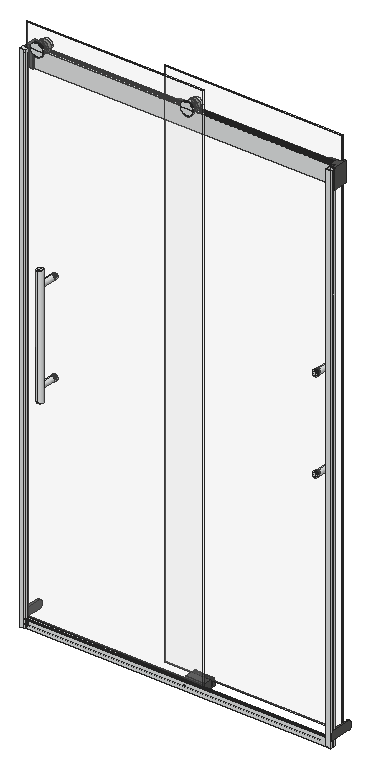
Revit family "Shower-Shower_Door-KOHLER-Levity_Plus-K-702421_1", category Specialty Equipment, host Face, Revit 2022
Family settings
  Host = Face
  Round Connector Dimension = Use Diameter
  Part Type = Normal
  OmniClass Number = 23.31.17.17
  OmniClass Title = Shower Enclosures
  Cut with Voids When Loaded = No
  Maintain Annotation Orientation = No
  Shared = No
  Room Calculation Point = No
Parameters (values of type "SHP-Bright Polished Silver")
  Width [instance] = Walk Thru + 25 205/256" + 199/256"  # 44 83/128"
  WaterSense Certified = 1 = 0  # no
  Walk Thru [instance] = 18 9/128"
  URL = "https://www.us.kohler.com/us/"
  Type = 1
  Product Page URL = "http://www.us.kohler.com/us/catalog/productDetails.jsp?productId=702421-L"
  Product Name = "Levity Plus"  # constant formula
  Product Documentation Link = "https://www.us.kohler.com/webassets/kpna/catalog/pdf/en/K-702421-L_spec_US-CA_Kohler_en.pdf"
  Model = if(Type = 1, "K-702421-L-SHP", if(Type = 2, "K-702421-L-BNK", if(Type = 3, "K-702421-L-BL", if(Type = 4, "K-702421-L-2MB", "NA"))))  # "K-702421-L-SHP"
  Material = "Premium Metal Construction"  # constant formula
  Master Format 2014 Name = "Shower Doors"  # constant formula
  Master Format 2014 = "10 28 19.16"  # constant formula
  Manufacturer Address = "444 Highland Dr, Kohler, WI 53044"  # constant formula
  Manufacturer = "KOHLER Co."  # constant formula
  Length = 6 119/128"  # constant formula
  Height = 77 143/256"  # constant formula
  Finish = Kohler-Metal-SHP-Bright_Polished_Silver
  Environmental Product Declaration = ""
  Description = "5/16 SHOWER DOOR 78 X 47-5/8 HANDLE"  # constant formula
  Default Elevation = 4"
  Declare Label = ""
  Date Modified = "03/17/2022"  # constant formula
  Date Created = "03/17/2022"  # constant formula
  Copyright = "Copyright KOHLER Co."  # constant formula
  Contact Us = "https://www.us.kohler.com/us/static/contact.jsp"
  Assembly Code = "C1030200"
  ADA Compliant = 1 = 0  # no
Reference planes (in)
  plane 1 "Center (Front/Back)": y = 0
  plane 2: z = 0
  plane 3 "Center (Left/Right)": x = 0
  plane 4: x = 18.07031
  plane 5: x = -25.80098
  plane 6: z = 74.76536
  plane 7: z = 77.55859
  plane 8: z = 72.61552
  plane 9: z = 71.53543
  plane 10: z = 74.09449
  plane 11: z = 47.87402
  plane 12: x = -21.8318
  plane 13: z = 45.84791
  plane 14: z = 30.86614
  plane 15: z = 32.84791
  plane 16: x = 18.84746
  plane 17: x = 14.7811
  plane 18: x = -1.99865
  plane 19: y = 4.3325
  plane 20: y = 3.90763
  plane 21: y = -2.59719
  plane 22: y = -2.153
  plane 23: y = -0.5693
  plane 24: x = -5.09536
  plane 25: x = 16.5311
Dimensions and locks (in)
  "Walk Thru": plane 4 to plane 3 "Center (Left/Right)"
  locked: plane 4 to plane 16 at 0.77715
  locked: plane 25 to plane 4 at 1.53921
  locked: plane 17 to plane 25 at 1.75
  locked: plane 24 to plane 25 at 21.62646
  "Width": plane 5 to plane 16
  "Height": plane 7 to level
  plane 14 to level = 30.86614"
  plane 11 to plane 14 = 17.00787"
  plane 9 to level = 71.53543"
  "Length": plane 19 to plane 21
  plane 10 to plane 9 = 2.55906"
  aligned and locked: plane 2 to host face
  aligned and locked: level to host face
  aligned and locked: plane 1 "Center (Front/Back)" to nested 1
  aligned and locked: plane 3 "Center (Left/Right)" to nested 1
  aligned and locked: plane 4 to nested 1
Automatic sketch dimensions
  host sketch curve to host sketch curve = 96"  (x2)
Nested families (in)
  nested 1: "K-702421" at (0, -0.5693, 0), type "K-702421"
Definition of nested family "K-702421"
  Parameters (values of type "K-702421")
    Width = Walk Thru + 25.79921" + 0.77559"  # 44.64512"
    Walk Thru = 18 9/128"
    Material = none
    Height = 61.5748"
    Default Elevation = 0"
  Reference planes (in)
    plane 1 "Center (Front/Back)": y = 0
    plane 2: z = 0
    plane 3 "Center (Left/Right)": x = 0
    plane 4: z = 77.55906
    plane 5: z = 30.86614
    plane 6: z = 47.87402
    plane 7: x = 18.07031
    plane 8: x = 18.84746
    plane 9 "E": x = 14.7811
    plane 10 "B": x = -21.8318
    plane 11: z = 71.53543
    plane 12: z = 74.09449
    plane 13 "A": z = 74.76536
    plane 14: x = -1.99865
    plane 15: y = -2.02733
    plane 16: y = 4.9018
    plane 17: z = 32.84791
    plane 18: z = 45.84791
    plane 19: y = -1.5837
    plane 20: y = 4.47693
    plane 21 "C": x = 16.5311
    plane 22 "X": z = 72.61552
    plane 23 "D": x = -10.4695
    plane 24: x = 18.507
    plane 25: x = -21.8318
    plane 26: z = 77.55906
    plane 27: x = -25.79766
    plane 28: z = 61.5748
    plane 29 "T": x = -5.09536
    plane 30: y = 0.5693
  Forms (in)
    Extrusion 1, solid
      sketch origin (0, 0, 0) x (1, 0, 0) y (0, 1, 0)
        loop
          line (-25.79766, 2.37158) -> (-25.79766, 0.38563)
          arc (-25.79766, 0.38563) -> (-25.78843, 0.36336) -> (-25.76616, 0.35413) r 0.0315
          line (-25.76616, 0.35413) -> (-25.50948, 0.35413)
          arc (-25.50948, 0.35413) -> (-25.48721, 0.36336) -> (-25.47798, 0.38563) r 0.0315
          line (-25.47798, 0.38563) -> (-25.47798, 0.85734)
          arc (-25.47798, 0.85734) -> (-25.46876, 0.87961) -> (-25.44649, 0.88884) r 0.0315
          line (-25.44649, 0.88884) -> (-24.84431, 0.88884)
          arc (-24.84431, 0.88884) -> (-24.82282, 0.89774) -> (-24.81392, 0.91923) r 0.03039
          line (-24.81392, 0.91923) -> (-24.81392, 2.02115) -> (-25.48127, 2.02858) -> (-25.48127, 2.37088)
          arc (-25.48127, 2.37088) -> (-25.49049, 2.39315) -> (-25.51276, 2.40237) r 0.0315
          line (-25.51276, 2.40237) -> (-25.76687, 2.40237)
          arc (-25.76687, 2.40237) -> (-25.78864, 2.39336) -> (-25.79766, 2.37158) r 0.03079
      from 71.46168 to 74.31431
    Extrusion 2, solid, material <- "Material", detail levels medium+fine
      sketch origin (0, 0, 0) x (1, 0, 0) y (0, 1, 0)
        loop
          line (-25.47591, 0.20982) -> (-25.47591, -0.20982) -> (-25.2813, -0.20982) -> (-25.2813, -0.27247) -> (-25.74014, -0.27247) -> (-25.74014, -0.30702) -> (-25.14015, -0.32797)
          arc (-25.14015, -0.32797) -> (-25.06472, -0.29901) -> (-25.03315, -0.22464) r 0.10339
          line (-25.03315, -0.22464) -> (-25.03315, 0.22464)
          arc (-25.03315, 0.22464) -> (-25.06472, 0.29901) -> (-25.14015, 0.32797) r 0.10339
          line (-25.14015, 0.32797) -> (-25.74014, 0.30702) -> (-25.74014, 0.27247) -> (-25.2813, 0.27247) -> (-25.2813, 0.20982) -> (-25.47591, 0.20982)
        loop
          line (-25.79766, 0.20982) -> (-25.60858, 0.20982) -> (-25.60858, 0) -> (-25.60858, -0.20982) -> (-25.79766, -0.20982) -> (-25.79766, -0.25253) -> (-25.56727, -0.25253) -> (-25.56727, 0) -> (-25.56727, 0.25253) -> (-25.79766, 0.25253) -> (-25.79766, 0.20982)
      from 0.08036 to 74.09449
    Extrusion 3, solid, material <- "Material", detail levels medium+fine
      sketch origin (0, 0, 0) x (1, 0, 0) y (0, 1, 0)
        loop
          line (-25.14015, 0.32797) -> (-25.74014, 0.30702) -> (-25.74014, 0.25253) -> (-25.79766, 0.25253) -> (-25.79766, -0.25253) -> (-25.74014, -0.25253) -> (-25.74014, -0.30702) -> (-25.14015, -0.32797)
          arc (-25.14015, -0.32797) -> (-25.06472, -0.29901) -> (-25.03315, -0.22464) r 0.10339
          line (-25.03315, -0.22464) -> (-25.03315, 0.22464)
          arc (-25.03315, 0.22464) -> (-25.06472, 0.29901) -> (-25.14015, 0.32797) r 0.10339
      from 74.09449 to 74.31431
    Extrusion 4, solid
      sketch origin (0, 0, 0) x (0, 1, 0) y (0, 0, 1)
        loop
          line (2.917, 2.13263) -> (-0.20982, 2.13263) -> (-0.20982, 1.05663) -> (2.93672, 1.05663)
          arc (2.93672, 1.05663) -> (3.10579, 1.12666) -> (3.17581, 1.29573) r 0.23909
          line (3.17581, 1.29573) -> (3.17581, 1.87382)
          arc (3.17581, 1.87382) -> (3.10001, 2.05683) -> (2.917, 2.13263) r 0.25882
      from -25.79766 to -25.47798
    Extrusion 5, solid, material <- "Material"
      sketch origin (0, 0, 0) x (0, 1, 0) y (0, 0, 1)
        loop
          arc (0, 0.33997) -> (0.03474, 0.38326) -> (0.08453, 0.35871) r 0.04434
          line (0.08453, 0.35871) -> (0.11423, 0.29502)
          arc (0.11423, 0.29502) -> (0.14686, 0.27839) -> (0.17089, 0.30603) r 0.02975
          line (0.17089, 0.30603) -> (0.20017, 0.86474)
          arc (0.20017, 0.86474) -> (0.19197, 0.88698) -> (0.17019, 0.89634) r 0.03002
          line (0.17019, 0.89634) -> (0.02343, 0.89634)
          arc (0.02343, 0.89634) -> (-0.02199, 0.94176) -> (0.02343, 0.98718) r 0.04542
          line (0.02343, 0.98718) -> (0.19567, 0.98718)
          arc (0.19567, 0.98718) -> (0.19347, 1.02749) -> (0.15814, 1.04703) r 0.04169
          line (0.15814, 1.04703) -> (-0.19878, 1.04703) -> (-0.19878, 0) -> (0.49474, 0) -> (0.49474, 0.07959) -> (0.14319, 0.07959)
          arc (0.14319, 0.07959) -> (0.04194, 0.12153) -> (0, 0.22278) r 0.14319
          line (0, 0.22278) -> (0, 0.33997)
        loop
          line (0.53901, 0.96058) -> (0.10163, 0.96058)
          arc (0.10163, 0.96058) -> (0.08163, 0.94058) -> (0.10163, 0.92059) r 0.01999
          line (0.10163, 0.92059) -> (0.53901, 0.92059)
          arc (0.53901, 0.92059) -> (0.559, 0.94058) -> (0.53901, 0.96058) r 0.01999
      from -25.47591 to 18.07031
    Revolve 6, solid, material <- "Material", detail levels medium+fine
      sketch origin (27, 0, 74.76536) x (0, -1, 0) y (1, 0, 0)
        loop
          line (0.14044, -28.99865) -> (-1.79905, -28.99865) -> (-1.79905, -29.69269) -> (-1.43263, -29.69269) -> (-1.43263, -29.74488)
          arc (-1.43263, -29.74488) -> (-1.24562, -29.80339) -> (-1.05861, -29.74488) r 0.32812
          line (-1.05861, -29.74488) -> (-1.05861, -29.53477) -> (-0.92215, -29.53477) -> (-0.92215, -29.73162) -> (-0.7253, -29.73162) -> (-0.7253, -29.46245) -> (-0.36761, -29.46245) -> (-0.36761, -29.6593) -> (-0.06827, -29.6593) -> (-0.06827, -29.89414) -> (-0.02811, -29.93431) -> (0.09751, -29.93431) -> (0.14044, -29.89138) -> (0.14044, -28.99865)
        axis (0.14044, -28.99865) -> (-1.79905, -28.99865)
      angle from 0 to 360
    Revolve 7, solid, material <- "Material", detail levels medium+fine
      sketch origin (5.51575, 0, 74.76536) x (0, -1, 0) y (1, 0, 0)
        loop
          line (0.14044, -28.99865) -> (-1.79905, -28.99865) -> (-1.79905, -29.69269) -> (-1.43263, -29.69269) -> (-1.43263, -29.74488)
          arc (-1.43263, -29.74488) -> (-1.24562, -29.80339) -> (-1.05861, -29.74488) r 0.32812
          line (-1.05861, -29.74488) -> (-1.05861, -29.53477) -> (-0.92215, -29.53477) -> (-0.92215, -29.73162) -> (-0.7253, -29.73162) -> (-0.7253, -29.46245) -> (-0.36761, -29.46245) -> (-0.36761, -29.6593) -> (-0.06827, -29.6593) -> (-0.06827, -29.89414) -> (-0.02811, -29.93431) -> (0.09751, -29.93431) -> (0.14044, -29.89138) -> (0.14044, -28.99865)
        axis (0.14044, -28.99865) -> (-1.79905, -28.99865)
      angle from 0 to 360
    Extrusion 8, solid, material <- "Material", detail levels medium+fine
      sketch origin (0, 0, 0) x (0, 1, 0) y (0, 0, 1)
        loop
          line (0.97838, 74.09449) -> (0.97838, 71.53543) -> (1.85747, 71.53543)
          arc (1.85747, 71.53543) -> (1.9, 71.55305) -> (1.91761, 71.59558) r 0.06014
          line (1.91761, 71.59558) -> (1.91761, 71.86685)
          arc (1.91761, 71.86685) -> (1.89894, 71.92322) -> (1.85029, 71.95728) r 0.0944
          line (1.85029, 71.95728) -> (1.85029, 71.88022) -> (1.65621, 71.78388) -> (1.38912, 71.90889) -> (1.38912, 73.51607)
          arc (1.38912, 73.51607) -> (1.41101, 73.5689) -> (1.46384, 73.59079) r 0.07472
          line (1.46384, 73.59079) -> (1.84605, 73.59079) -> (1.84605, 73.41713) -> (1.8957, 73.41713)
          arc (1.8957, 73.41713) -> (1.91735, 73.42609) -> (1.92632, 73.44774) r 0.03062
          line (1.92632, 73.44774) -> (1.92632, 74.04029)
          arc (1.92632, 74.04029) -> (1.91044, 74.07861) -> (1.87212, 74.09449) r 0.0542
          line (1.87212, 74.09449) -> (1.69975, 74.09449) -> (1.69975, 74.01045) -> (1.81407, 74.01045)
          arc (1.81407, 74.01045) -> (1.84489, 73.99768) -> (1.85765, 73.96686) r 0.04358
          line (1.85765, 73.96686) -> (1.85765, 73.8136) -> (1.31287, 73.8136) -> (1.31287, 73.88222) -> (1.44737, 73.94211) -> (1.44737, 73.98613)
          arc (1.44737, 73.98613) -> (1.43926, 74.00107) -> (1.42231, 74.0024) r 0.01781
          line (1.42231, 74.0024) -> (1.24538, 73.92362) -> (1.04592, 74.01243) -> (1.04592, 74.07466)
          arc (1.04592, 74.07466) -> (1.04011, 74.08868) -> (1.02609, 74.09449) r 0.01983
          line (1.02609, 74.09449) -> (0.97838, 74.09449)
      from -25.2813 to 18.07031
    Extrusion 9, solid
      sketch origin (0, 0, 74.76536) x (0, -1, 0) y (1, 0, 0)
        loop
          line (-0.7253, -0.06152) -> (-0.7253, -25.42005)
          arc (-0.7253, -25.42005) -> (-0.5693, -25.47612) -> (-0.4133, -25.42005) r 0.24502
          line (-0.4133, -25.42005) -> (-0.4133, -0.06152)
          arc (-0.4133, -0.06152) -> (-0.5693, 0.00135) -> (-0.7253, -0.06152) r 0.225
      from 2.7937 to -73.70872
    Extrusion 10, solid
      sketch origin (0, 0, 0) x (0, 1, 0) y (0, 0, 1)
        loop
          line (2.79395, 0) -> (2.73913, 1.04611)
          arc (2.73913, 1.04611) -> (2.73201, 1.06155) -> (2.71622, 1.06785) r 0.02294
          line (2.71622, 1.06785) -> (2.58256, 1.06785)
          arc (2.58256, 1.06785) -> (2.56781, 1.06181) -> (2.56152, 1.04717) r 0.02105
          line (2.56152, 1.04717) -> (2.54725, 0.22974)
          arc (2.54725, 0.22974) -> (2.52045, 0.16735) -> (2.45761, 0.14164) r 0.08966
          line (2.45761, 0.14164) -> (2.27292, 0.14164)
          arc (2.27292, 0.14164) -> (2.21358, 0.16532) -> (2.18684, 0.22333) r 0.0862
          line (2.18684, 0.22333) -> (2.14487, 1.02412)
          arc (2.14487, 1.02412) -> (2.13055, 1.05518) -> (2.09879, 1.06785) r 0.04614
          line (2.09879, 1.06785) -> (1.06637, 1.06785)
          arc (1.06637, 1.06785) -> (1.03461, 1.05518) -> (1.02029, 1.02412) r 0.04614
          line (1.02029, 1.02412) -> (0.97833, 0.22333)
          arc (0.97833, 0.22333) -> (0.95158, 0.16532) -> (0.89225, 0.14164) r 0.0862
          line (0.89225, 0.14164) -> (0.70755, 0.14164)
          arc (0.70755, 0.14164) -> (0.64471, 0.16735) -> (0.61791, 0.22974) r 0.08966
          line (0.61791, 0.22974) -> (0.60364, 1.04717)
          arc (0.60364, 1.04717) -> (0.59735, 1.06181) -> (0.5826, 1.06785) r 0.02105
          line (0.5826, 1.06785) -> (0.30693, 1.06785) -> (0.30693, 0.16201) -> (0.47604, 0.16201)
          arc (0.47604, 0.16201) -> (0.50033, 0.15195) -> (0.51039, 0.12766) r 0.03435
          line (0.51039, 0.12766) -> (0.51039, 0.08994)
          arc (0.51039, 0.08994) -> (0.52098, 0.06032) -> (0.54793, 0.04411) r 0.04675
          arc (0.54793, 0.04411) -> (0.76846, 0.01105) -> (0.99117, 0) r 2.24921
          line (0.99117, 0) -> (2.79395, 0)
      from -3.12027 to -0.34077
    Revolve 11, solid, material <- "Material"
      sketch origin (-21.8318, 0, -13) x (0, 1, 0) y (0, 0, 1)
        loop
          line (0.4133, 46.22291) -> (-1.4097, 46.22291) -> (-1.4097, 45.84791) -> (1.02083, 45.84791) -> (1.02083, 46.21475)
          arc (1.02083, 46.21475) -> (1.01123, 46.23791) -> (0.98807, 46.24751) r 0.03275
          line (0.98807, 46.24751) -> (0.79735, 46.24751)
          arc (0.79735, 46.24751) -> (0.7725, 46.23722) -> (0.76221, 46.21237) r 0.03514
          line (0.76221, 46.21237) -> (0.76221, 46.09791) -> (0.4133, 46.09791) -> (0.4133, 46.22291)
        axis (1.02083, 45.84791) -> (-1.4097, 45.84791)
      angle from 0 to 360
    Revolve 12, solid, material <- "Material", detail levels medium+fine
      sketch origin (-21.8318, 0, 0) x (0, 1, 0) y (0, 0, 1)
        loop
          line (-1.5837, 47.87402) -> (-1.9722, 47.87402) -> (-2.02733, 47.81888) -> (-2.02733, 30.91608) -> (-1.9774, 30.86614) -> (-1.5837, 30.86614) -> (-1.5837, 47.87402)
        axis (-1.5837, 30.86614) -> (-1.5837, 47.87402)
      angle from 0 to 360
    Revolve 13, solid, material <- "Material"
      sketch origin (-5.09536, 0, 0) x (0, -1, 0) y (0, 0, 1)
        loop
          line (-2.99093, 73.55511) -> (-3.03171, 73.51433) -> (-3.03171, 72.61552) -> (-1.91129, 72.61552) -> (-1.91129, 73.35161) -> (-2.16793, 73.35161) -> (-2.16793, 73.2217) -> (-2.52933, 73.2217) -> (-2.52933, 73.27972) -> (-2.82297, 73.27972) -> (-2.82297, 73.51347) -> (-2.86461, 73.55511) -> (-2.99093, 73.55511)
        axis (-1.91129, 72.61552) -> (-3.03171, 72.61552)
      angle from 0 to 360
    Revolve 14, solid, material <- "Material"
      sketch origin (16.5311, 0, 0) x (0, 0, -1) y (0, -1, 0)
        loop
          line (-73.55511, -2.99093) -> (-73.51433, -3.03171) -> (-72.61552, -3.03171) -> (-72.61552, -1.91129) -> (-73.35161, -1.91129) -> (-73.35161, -2.16793) -> (-73.2217, -2.16793) -> (-73.2217, -2.52933) -> (-73.27972, -2.52933) -> (-73.27972, -2.82297) -> (-73.51347, -2.82297) -> (-73.55511, -2.86461) -> (-73.55511, -2.99093)
        axis (-72.61552, -1.91129) -> (-72.61552, -3.03171)
      angle from 0 to 360
    Revolve 15, solid, material <- "Material", detail levels medium+fine
      sketch origin (14.7811, -0.02461, 0) x (0, 0, 1) y (0, -1, 0)
        loop
          line (46.22291, -2.50574) -> (46.09791, -2.50574) -> (46.09791, -2.15684) -> (46.21237, -2.15684)
          arc (46.21237, -2.15684) -> (46.23722, -2.14654) -> (46.24751, -2.1217) r 0.03514
          line (46.24751, -2.1217) -> (46.24751, -1.93098)
          arc (46.24751, -1.93098) -> (46.23791, -1.90781) -> (46.21475, -1.89822) r 0.03275
          line (46.21475, -1.89822) -> (45.84791, -1.89822) -> (45.84791, -4.50988) -> (46.22291, -4.50988) -> (46.22291, -2.50574)
        axis (45.84791, -1.89822) -> (45.84791, -4.50988)
      angle from 0 to 360
    Revolve 16, solid, material <- "Material", detail levels medium+fine
      sketch origin (14.7811, -0.02461, -13) x (0, 0, 1) y (0, -1, 0)
        loop
          line (46.22291, -2.50454) -> (46.09791, -2.50454) -> (46.09791, -2.15684) -> (46.21237, -2.15684)
          arc (46.21237, -2.15684) -> (46.23722, -2.14654) -> (46.24751, -2.1217) r 0.03514
          line (46.24751, -2.1217) -> (46.24751, -1.93098)
          arc (46.24751, -1.93098) -> (46.23791, -1.90781) -> (46.21475, -1.89822) r 0.03275
          line (46.21475, -1.89822) -> (45.84791, -1.89822) -> (45.84791, -4.50988) -> (46.22291, -4.50988) -> (46.22291, -2.50454)
        axis (45.84791, -1.89822) -> (45.84791, -4.50988)
      angle from 0 to 360
    Revolve 17, solid, material <- "Material", detail levels medium+fine
      sketch origin (14.7811, 0, 0) x (0, 0, 1) y (0, -1, 0)
        loop
          line (47.87402, -4.47693) -> (30.86614, -4.47693) -> (30.86614, -4.87063) -> (30.89731, -4.9018) -> (47.83764, -4.9018) -> (47.87402, -4.86543) -> (47.87402, -4.47693)
        axis (30.86614, -4.47693) -> (47.87402, -4.47693)
      angle from 0 to 360
    Extrusion 18, solid
      sketch origin (0, 0, 74.76536) x (0, -1, 0) y (1, 0, 0)
        loop
          line (-2.40428, 18.84746) -> (-2.40428, 18.646)
          arc (-2.40428, 18.646) -> (-2.37444, 18.57397) -> (-2.30241, 18.54413) r 0.10187
          line (-2.30241, 18.54413) -> (-2.09932, 18.54413)
          arc (-2.09932, 18.54413) -> (-2.03657, 18.51814) -> (-2.01058, 18.45539) r 0.08874
          line (-2.01058, 18.45539) -> (-2.01058, 17.91922)
          arc (-2.01058, 17.91922) -> (-1.99255, 17.87567) -> (-1.949, 17.85764) r 0.06158
          line (-1.949, 17.85764) -> (-0.96774, 17.85764)
          arc (-0.96774, 17.85764) -> (-0.9202, 17.87733) -> (-0.90051, 17.92487) r 0.06723
          line (-0.90051, 17.92487) -> (-0.90051, 18.43479)
          arc (-0.90051, 18.43479) -> (-0.8829, 18.4773) -> (-0.84038, 18.49492) r 0.06013
          line (-0.84038, 18.49492) -> (-0.37453, 18.49492)
          arc (-0.37453, 18.49492) -> (-0.34132, 18.50867) -> (-0.32756, 18.54188) r 0.04697
          line (-0.32756, 18.54188) -> (-0.32756, 18.84746) -> (-2.40428, 18.84746)
      from -0.4295 to -3.30367
    Extrusion 19, solid
      sketch origin (0, 0, 0) x (0, 1, 0) y (0, 0, -1)
        loop
          arc (2.917, -2.13263) -> (3.10001, -2.05683) -> (3.17581, -1.87382) r 0.25882
          line (3.17581, -1.87382) -> (3.17581, -1.29573)
          arc (3.17581, -1.29573) -> (3.10579, -1.12666) -> (2.93672, -1.05663) r 0.23909
          line (2.93672, -1.05663) -> (-0.23901, -1.05663) -> (-0.23901, -2.13263) -> (2.917, -2.13263)
      from -18.507 to -18.84746
    Extrusion 20, solid, material <- "Material"
      sketch origin (0, 0, 74.76536) x (0, -1, 0) y (1, 0, 0)
        loop
          line (-0.32756, 18.07031) -> (0.31775, 18.07031) -> (0.31775, 18.84746) -> (0.23901, 18.84746) -> (0.23901, 18.14905) -> (-0.24882, 18.14905) -> (-0.24882, 18.84746) -> (-0.32756, 18.84746) -> (-0.32756, 18.07031)
      from -74.68577 to -0.5382
    Extrusion 21, solid, material <- "Material"
      sketch origin (0, 0, 0) x (1, 0, 0) y (0, 1, 0)
        loop
          line (18.84746, 0.32756) -> (18.07031, 0.32756) -> (18.07031, -0.31775) -> (18.84746, -0.31775) -> (18.84746, 0.32756)
      from 58.2429 to 58.11024
    Extrusion 22, solid
      sketch origin (0, 0, 74.76536) x (0, -1, 0) y (1, 0, 0)
        loop
          arc (-2.47993, -7.04042) -> (-2.32393, -7.10329) -> (-2.16793, -7.04042) r 0.225
          line (-2.16793, -7.04042) -> (-2.16793, 18.45975)
          arc (-2.16793, 18.45975) -> (-2.18177, 18.49316) -> (-2.21518, 18.507) r 0.04724
          line (-2.21518, 18.507) -> (-2.43259, 18.507)
          arc (-2.43259, 18.507) -> (-2.46607, 18.49313) -> (-2.47993, 18.45965) r 0.04735
          line (-2.47993, 18.45965) -> (-2.47993, -7.04042)
      from -73.86902 to 2.7937
    Revolve 23, solid, material <- "Material"
      sketch origin (-21.8318, 0, 0) x (0, 1, 0) y (0, 0, 1)
        loop
          line (0.4133, 46.22291) -> (-1.4097, 46.22291) -> (-1.4097, 45.84791) -> (1.02083, 45.84791) -> (1.02083, 46.21475)
          arc (1.02083, 46.21475) -> (1.01123, 46.23791) -> (0.98807, 46.24751) r 0.03275
          line (0.98807, 46.24751) -> (0.79735, 46.24751)
          arc (0.79735, 46.24751) -> (0.7725, 46.23722) -> (0.76221, 46.21237) r 0.03514
          line (0.76221, 46.21237) -> (0.76221, 46.09791) -> (0.4133, 46.09791) -> (0.4133, 46.22291)
        axis (1.02083, 45.84791) -> (-1.4097, 45.84791)
      angle from 0 to 360
    Extrusion 24, solid, material <- "Material", detail levels coarse
      sketch origin (0, 0, 74.76536) x (0, -1, 0) y (1, 0, 0)
        loop
          line (-0.32797, -25.03315) -> (-0.32797, -25.79766) -> (0.32797, -25.79766) -> (0.32797, -25.03315) -> (-0.32797, -25.03315)
      from -74.68499 to -0.45105
    Revolve 25, solid, material <- "Material", detail levels coarse
      sketch origin (5.51575, 0, 74.76536) x (0, -1, 0) y (1, 0, 0)
        loop
          line (0.14044, -28.99865) -> (-1.79905, -28.99865) -> (-1.79905, -29.69269) -> (-1.43263, -29.69269) -> (-1.43263, -29.74488) -> (-1.05861, -29.74488) -> (-1.05861, -29.53477) -> (-0.92215, -29.53477) -> (-0.92215, -29.73162) -> (-0.7253, -29.73162) -> (-0.7253, -29.6593) -> (-0.06827, -29.6593) -> (-0.06827, -29.93431) -> (0.14044, -29.93431) -> (0.14044, -28.99865)
        axis (-1.79905, -28.99865) -> (0.14044, -28.99865)
      angle from 0 to 360
    Revolve 26, solid, material <- "Material", detail levels coarse
      sketch origin (27, 0, 74.76536) x (0, -1, 0) y (1, 0, 0)
        loop
          line (0.14044, -28.99865) -> (-1.79905, -28.99865) -> (-1.79905, -29.69269) -> (-1.43263, -29.69269) -> (-1.43263, -29.74488) -> (-1.05861, -29.74488) -> (-1.05861, -29.53477) -> (-0.92215, -29.53477) -> (-0.92215, -29.73162) -> (-0.7253, -29.73162) -> (-0.7253, -29.6593) -> (-0.06827, -29.6593) -> (-0.06827, -29.93431) -> (0.14044, -29.93431) -> (0.14044, -28.99865)
        axis (-1.79905, -28.99865) -> (0.14044, -28.99865)
      angle from 0 to 360
    Extrusion 27, solid, material <- "Material", detail levels coarse
      sketch origin (0, 0, 0) x (1, 0, 0) y (0, 0, 1)
        loop
          circle (-21.8318, 45.84791) r 0.3937
        loop
          circle (-21.8318, 32.84791) r 0.3937
      from -1.02039 to 1.5837
    Extrusion 28, solid, material <- "Material", detail levels coarse
      sketch origin (-1.451, 0, 74.76536) x (0, -1, 0) y (1, 0, 0)
        loop
          circle (1.5837, -20.3808) r 0.44363
      from -26.89134 to -43.84928
    Revolve 29, solid, material <- "Material", detail levels coarse
      sketch origin (14.7811, 0, 0) x (0, 0, 1) y (0, -1, 0)
        loop
          line (45.84791, -1.87284) -> (45.84791, -4.47693) -> (46.22291, -4.47693) -> (46.22291, -1.87284) -> (45.84791, -1.87284)
        axis (45.84791, -1.87284) -> (45.84791, -4.47693)
      angle from 0 to 360
    Revolve 30, solid, material <- "Material", detail levels coarse
      sketch origin (14.7811, 0, 0) x (0, 0, 1) y (0, -1, 0)
        loop
          line (32.84791, -1.87284) -> (32.84791, -4.47693) -> (33.22291, -4.47693) -> (33.22291, -1.87284) -> (32.84791, -1.87284)
        axis (32.84791, -1.87284) -> (32.84791, -4.47693)
      angle from 0 to 360
    Extrusion 31, solid, material <- "Material", detail levels coarse
      sketch origin (0, 0, 0) x (0, 1, 0) y (0, 0, 1)
        loop
          line (0.97838, 74.09449) -> (0.97838, 71.53543) -> (1.92632, 71.53543) -> (1.92632, 74.09449) -> (0.97838, 74.09449)
      from -25.47798 to 18.07031
    Revolve 32, solid, material <- "Material", detail levels coarse
      sketch origin (14.7811, 0, 0) x (0, 0, 1) y (0, -1, 0)
        loop
          line (47.87402, -4.9018) -> (47.87402, -4.47693) -> (30.86614, -4.47693) -> (30.86614, -4.9018) -> (47.87402, -4.9018)
        axis (30.86614, -4.47693) -> (47.87402, -4.47693)
      angle from 0 to 360
  Cuts and joins
    joined: Extrusion 2, Extrusion 3
    joined: Extrusion 20, Extrusion 21
  Lines and regions (in)
    Masking region 1
      outline origin (0, 0, 0) x (1, 0, 0) y (0, 0, 1)
        loop
          line (-25.47617, 77.55906) -> (-25.47617, 74.35081) -> (-25.79766, 74.35081) -> (-25.79766, 0.08036) -> (-25.47591, 0.08036) -> (-25.47591, 0) -> (18.07031, 0) -> (18.07031, 0.07959) -> (18.84746, 0.07959) -> (18.84746, 74.33586) -> (18.507, 74.33586) -> (18.507, 77.55906) -> (-25.47617, 77.55906)
    Masking region 2
      outline origin (-5.09536, 0, 0) x (0, -1, 0) y (0, 0, 1)
        loop
          line (-0.33162, 2.13263) -> (-0.33162, 32.47291) -> (-0.4133, 32.47291) -> (-0.4133, 2.13263) -> (-0.33162, 2.13263)
        loop
          line (-3.17581, 1.87382) -> (-3.17581, 1.29573)
          arc (-3.17581, 1.29573) -> (-3.10579, 1.12666) -> (-2.93672, 1.05663) r 0.23909
          line (-2.93672, 1.05663) -> (-2.73858, 1.05663) -> (-2.79395, 0) -> (-0.99117, 0)
          arc (-0.99117, 0) -> (-0.76846, 0.01105) -> (-0.54793, 0.04411) r 2.24921
          arc (-0.54793, 0.04411) -> (-0.52098, 0.06032) -> (-0.51039, 0.08994) r 0.04675
          line (-0.51039, 0.08994) -> (-0.51039, 0.12766)
          arc (-0.51039, 0.12766) -> (-0.50033, 0.15195) -> (-0.47604, 0.16201) r 0.03435
          line (-0.47604, 0.16201) -> (-0.32803, 0.16201) -> (-0.32803, 0.07959) -> (-0.49474, 0.07959) -> (-0.49474, 0) -> (0.19878, 0) -> (0.19878, 0.08036) -> (0.32797, 0.08036) -> (0.32797, 32.47291) -> (1.14006, 32.47291) -> (1.14006, 30.91608) -> (1.19, 30.86614) -> (1.9774, 30.86614) -> (2.02733, 30.91608) -> (2.02733, 47.82408) -> (1.9774, 47.87402) -> (1.19, 47.87402) -> (1.14006, 47.82408) -> (1.14006, 46.22291) -> (0.32797, 46.22291) -> (0.32797, 74.31431) -> (0.14044, 74.31431) -> (0.14044, 75.65887) -> (0.09747, 75.70183) -> (-0.02728, 75.70183) -> (-0.06827, 75.66084) -> (-0.06827, 75.42601) -> (-0.36761, 75.42601) -> (-0.36761, 75.22916) -> (-0.4133, 75.22916) -> (-0.4133, 77.55906) -> (-0.7253, 77.55906) -> (-0.7253, 75.49833) -> (-0.92215, 75.49833) -> (-0.92215, 75.30147) -> (-1.05861, 75.30147) -> (-1.05861, 75.51158)
          arc (-1.05861, 75.51158) -> (-1.24562, 75.5673) -> (-1.43263, 75.51158) r 0.34168
          line (-1.43263, 75.51158) -> (-1.43263, 75.45939) -> (-1.79905, 75.45939) -> (-1.79905, 74.76536) -> (-1.79905, 74.31431) -> (-2.16793, 74.31431) -> (-2.16793, 77.55906) -> (-2.47993, 77.55906) -> (-2.47993, 73.2217) -> (-2.52933, 73.2217) -> (-2.52933, 73.27972) -> (-2.82297, 73.27972) -> (-2.82297, 73.51347) -> (-2.86461, 73.55511) -> (-2.99093, 73.55511) -> (-3.03171, 73.51433) -> (-3.03171, 71.71672) -> (-2.99093, 71.67593) -> (-2.86461, 71.67593) -> (-2.82297, 71.71758) -> (-2.82297, 71.95133) -> (-2.52933, 71.95133) -> (-2.52933, 72.00935) -> (-2.47993, 72.00935) -> (-2.47993, 46.22291) -> (-4.05206, 46.22291) -> (-4.05206, 47.82408) -> (-4.102, 47.87402) -> (-4.85187, 47.87402) -> (-4.9018, 47.82408) -> (-4.9018, 30.91608) -> (-4.85187, 30.86614) -> (-4.102, 30.86614) -> (-4.05206, 30.91608) -> (-4.05206, 32.47291) -> (-2.55024, 32.47291) -> (-2.47993, 32.47291) -> (-2.47993, 2.13263) -> (-2.917, 2.13263)
          arc (-2.917, 2.13263) -> (-3.10001, 2.05683) -> (-3.17581, 1.87382) r 0.25882
        loop
          arc (-2.54725, 0.22974) -> (-2.52045, 0.16735) -> (-2.45761, 0.14164) r 0.08966
          line (-2.45761, 0.14164) -> (-2.27292, 0.14164)
          arc (-2.27292, 0.14164) -> (-2.21358, 0.16532) -> (-2.18684, 0.22333) r 0.0862
          line (-2.18684, 0.22333) -> (-2.14487, 1.02412)
          arc (-2.14487, 1.02412) -> (-2.14023, 1.04201) -> (-2.12894, 1.05663) r 0.04614
          line (-2.12894, 1.05663) -> (-2.16793, 1.05663) -> (-2.16793, 0.89634) -> (-2.47993, 0.89634) -> (-2.47993, 1.05663) -> (-2.51514, 1.05663) -> (-2.56169, 1.05663) -> (-2.54725, 0.22974)
        loop
          arc (-0.97833, 0.22333) -> (-0.95158, 0.16532) -> (-0.89225, 0.14164) r 0.0862
          line (-0.89225, 0.14164) -> (-0.70755, 0.14164)
          arc (-0.70755, 0.14164) -> (-0.64471, 0.16735) -> (-0.61791, 0.22974) r 0.08966
          line (-0.61791, 0.22974) -> (-0.60348, 1.05663) -> (-1.03622, 1.05663)
          arc (-1.03622, 1.05663) -> (-1.02494, 1.04201) -> (-1.02029, 1.02412) r 0.04614
          line (-1.02029, 1.02412) -> (-0.97833, 0.22333)
        loop
          line (-2.16793, 2.13263) -> (-0.7253, 2.13263) -> (-0.7253, 32.59791) -> (-0.76221, 32.59791) -> (-0.76221, 32.48456)
          arc (-0.76221, 32.48456) -> (-0.7727, 32.45923) -> (-0.79804, 32.44874) r 0.03582
          line (-0.79804, 32.44874) -> (-0.98952, 32.44874)
          arc (-0.98952, 32.44874) -> (-1.01135, 32.45778) -> (-1.02039, 32.4796) r 0.03087
          line (-1.02039, 32.4796) -> (-1.02039, 33.21621)
          arc (-1.02039, 33.21621) -> (-1.01135, 33.23804) -> (-0.98952, 33.24708) r 0.03087
          line (-0.98952, 33.24708) -> (-0.79804, 33.24708)
          arc (-0.79804, 33.24708) -> (-0.7727, 33.23659) -> (-0.76221, 33.21126) r 0.03582
          line (-0.76221, 33.21126) -> (-0.76221, 33.09791) -> (-0.7253, 33.09791) -> (-0.7253, 45.59791) -> (-0.76221, 45.59791) -> (-0.76221, 45.48456)
          arc (-0.76221, 45.48456) -> (-0.7727, 45.45923) -> (-0.79804, 45.44874) r 0.03582
          line (-0.79804, 45.44874) -> (-0.98952, 45.44874)
          arc (-0.98952, 45.44874) -> (-1.01135, 45.45778) -> (-1.02039, 45.4796) r 0.03087
          line (-1.02039, 45.4796) -> (-1.02039, 46.21621)
          arc (-1.02039, 46.21621) -> (-1.01135, 46.23804) -> (-0.98952, 46.24708) r 0.03087
          line (-0.98952, 46.24708) -> (-0.79804, 46.24708)
          arc (-0.79804, 46.24708) -> (-0.7727, 46.23659) -> (-0.76221, 46.21126) r 0.03582
          line (-0.76221, 46.21126) -> (-0.76221, 46.09791) -> (-0.7253, 46.09791) -> (-0.7253, 71.46168) -> (-2.16793, 71.46168) -> (-2.16793, 46.09791) -> (-2.13102, 46.09791) -> (-2.13102, 46.21126)
          arc (-2.13102, 46.21126) -> (-2.12053, 46.23659) -> (-2.0952, 46.24708) r 0.03582
          line (-2.0952, 46.24708) -> (-1.90371, 46.24708)
          arc (-1.90371, 46.24708) -> (-1.88189, 46.23804) -> (-1.87284, 46.21621) r 0.03087
          line (-1.87284, 46.21621) -> (-1.87284, 45.4796)
          arc (-1.87284, 45.4796) -> (-1.88189, 45.45778) -> (-1.90371, 45.44874) r 0.03087
          line (-1.90371, 45.44874) -> (-2.0952, 45.44874)
          arc (-2.0952, 45.44874) -> (-2.12053, 45.45923) -> (-2.13102, 45.48456) r 0.03582
          line (-2.13102, 45.48456) -> (-2.13102, 45.59791) -> (-2.16793, 45.59791) -> (-2.16793, 33.09791) -> (-2.13102, 33.09791) -> (-2.13102, 33.21126)
          arc (-2.13102, 33.21126) -> (-2.12053, 33.23659) -> (-2.0952, 33.24708) r 0.03582
          line (-2.0952, 33.24708) -> (-1.90371, 33.24708)
          arc (-1.90371, 33.24708) -> (-1.88189, 33.23804) -> (-1.87284, 33.21621) r 0.03087
          line (-1.87284, 33.21621) -> (-1.87284, 32.4796)
          arc (-1.87284, 32.4796) -> (-1.88189, 32.45778) -> (-1.90371, 32.44874) r 0.03087
          line (-1.90371, 32.44874) -> (-2.0952, 32.44874)
          arc (-2.0952, 32.44874) -> (-2.12053, 32.45923) -> (-2.13102, 32.48456) r 0.03582
          line (-2.13102, 32.48456) -> (-2.13102, 32.59791) -> (-2.16793, 32.59791) -> (-2.16793, 2.13263)
        loop
          line (1.14006, 33.22291) -> (1.14006, 45.47291) -> (0.32797, 45.47291) -> (0.32797, 33.22291) -> (1.14006, 33.22291)
        loop
          line (-0.33162, 33.22291) -> (-0.33162, 45.47291) -> (-0.4133, 45.47291) -> (-0.4133, 33.22291) -> (-0.33162, 33.22291)
        loop
          line (-0.33162, 46.22291) -> (-0.33162, 71.46168) -> (-0.4133, 71.46168) -> (-0.4133, 46.22291) -> (-0.33162, 46.22291)
        loop
          line (-4.05206, 33.22291) -> (-2.47993, 33.22291) -> (-2.47993, 45.47291) -> (-4.05206, 45.47291) -> (-4.05206, 33.22291)
    Masking region 3
      outline origin (0, 0, 74.76536) x (0, -1, 0) y (1, 0, 0)
        loop
          line (-0.97838, -24.01903) -> (-0.97838, -24.81392) -> (-0.91923, -24.81392)
          arc (-0.91923, -24.81392) -> (-0.89774, -24.82282) -> (-0.88884, -24.84431) r 0.03039
          line (-0.88884, -24.84431) -> (-0.88884, -25.44649)
          arc (-0.88884, -25.44649) -> (-0.87961, -25.46876) -> (-0.85734, -25.47798) r 0.0315
          line (-0.85734, -25.47798) -> (-0.5693, -25.47798)
          arc (-0.5693, -25.47798) -> (-0.65219, -25.46168) -> (-0.7253, -25.42005) r 0.24502
          line (-0.7253, -25.42005) -> (-0.7253, -24.21588) -> (-0.92215, -24.21588) -> (-0.92215, -24.01903) -> (-0.97838, -24.01903)
        loop
          line (-0.7253, -22.74994) -> (-0.7253, -22.0818) -> (-0.76221, -22.0818) -> (-0.76221, -22.19641)
          arc (-0.76221, -22.19641) -> (-0.77237, -22.22092) -> (-0.79688, -22.23108) r 0.03466
          line (-0.79688, -22.23108) -> (-0.97838, -22.23108) -> (-0.97838, -22.94679) -> (-0.92215, -22.94679) -> (-0.92215, -22.74994) -> (-0.7253, -22.74994)
        loop
          line (0.32797, -25.79766) -> (0.32797, -25.03644) -> (0.19878, -25.03644) -> (0.19878, -22.2068) -> (1.34666, -22.2068)
          arc (1.34666, -22.2068) -> (1.79777, -22.22037) -> (2.02733, -21.8318) r 0.44363
          arc (2.02733, -21.8318) -> (1.79777, -21.44324) -> (1.34666, -21.4568) r 0.44363
          line (1.34666, -21.4568) -> (0.19878, -21.4568) -> (0.19878, 18.07031) -> (0.31775, 18.07031) -> (0.31775, 18.84746) -> (-3.17581, 18.84746) -> (-3.17581, 18.507) -> (-2.06401, 18.507)
          arc (-2.06401, 18.507) -> (-2.02623, 18.49135) -> (-2.01058, 18.45357) r 0.05343
          line (-2.01058, 18.45357) -> (-2.01058, 17.85764) -> (-1.92632, 17.85764) -> (-1.92632, -0.34077) -> (-2.79395, -0.34077) -> (-2.79395, -3.12027) -> (-1.92632, -3.12027) -> (-1.92632, -24.81392) -> (-2.02115, -24.81392) -> (-2.02855, -25.47798) -> (-3.17581, -25.47798) -> (-3.17581, -25.79766) -> (0.32797, -25.79766)
        loop
          line (-0.97838, -3.12027) -> (-0.97838, -21.43253) -> (-0.79688, -21.43253)
          arc (-0.79688, -21.43253) -> (-0.77237, -21.44268) -> (-0.76221, -21.46719) r 0.03466
          line (-0.76221, -21.46719) -> (-0.76221, -21.5818) -> (-0.7253, -21.5818) -> (-0.7253, -3.12027) -> (-0.97838, -3.12027)
        loop
          line (-0.97838, 17.85764) -> (-0.97838, -0.34077) -> (-0.7253, -0.34077) -> (-0.7253, -0.06152)
          arc (-0.7253, -0.06152) -> (-0.64864, -0.01311) -> (-0.55909, 0.00111) r 0.225
          line (-0.55909, 0.00111) -> (-0.55909, 18.07031) -> (-0.32756, 18.07031) -> (-0.32756, 18.507) -> (-0.83803, 18.507)
          arc (-0.83803, 18.507) -> (-0.88221, 18.4887) -> (-0.90051, 18.44452) r 0.06248
          line (-0.90051, 18.44452) -> (-0.90051, 17.85764) -> (-0.97838, 17.85764)
    Masking region 4
      outline origin (0, 0, 74.76536) x (0, -1, 0) y (1, 0, 0)
        loop
          arc (-2.47993, -7.04042) -> (-2.32393, -7.10329) -> (-2.16793, -7.04042) r 0.225
          line (-2.16793, -7.04042) -> (-2.16793, -5.83145) -> (-1.92632, -5.83145) -> (-1.92632, -4.35927) -> (-2.16793, -4.35927) -> (-2.16793, 14.53357) -> (-2.13223, 14.53357) -> (-2.13223, 14.41605)
          arc (-2.13223, 14.41605) -> (-2.12204, 14.39144) -> (-2.09742, 14.38125) r 0.0348
          line (-2.09742, 14.38125) -> (-1.92632, 14.38125) -> (-1.92632, 15.18095) -> (-2.09742, 15.18095)
          arc (-2.09742, 15.18095) -> (-2.12204, 15.17076) -> (-2.13223, 15.14615) r 0.0348
          line (-2.13223, 15.14615) -> (-2.13223, 15.02863) -> (-2.16793, 15.02863) -> (-2.16793, 15.79242) -> (-1.92632, 15.79242) -> (-1.92632, 17.26978) -> (-2.16793, 17.26978) -> (-2.16793, 18.45818)
          arc (-2.16793, 18.45818) -> (-2.18223, 18.4927) -> (-2.21675, 18.507) r 0.04881
          line (-2.21675, 18.507) -> (-2.43465, 18.507)
          arc (-2.43465, 18.507) -> (-2.46667, 18.49373) -> (-2.47993, 18.46171) r 0.04529
          line (-2.47993, 18.46171) -> (-2.47993, 17.13541) -> (-2.52933, 17.13541) -> (-2.52933, 17.19529) -> (-2.82297, 17.19529) -> (-2.82297, 17.42904) -> (-2.8647, 17.47078) -> (-2.99084, 17.47078) -> (-3.03171, 17.42991) -> (-3.03171, 16.5311) -> (-3.03171, 15.63229) -> (-2.99084, 15.59142) -> (-2.8647, 15.59142) -> (-2.82297, 15.63316) -> (-2.82297, 15.86691) -> (-2.52933, 15.86691) -> (-2.52933, 15.92679) -> (-2.47993, 15.92679) -> (-2.47993, 15.1561) -> (-4.27721, 15.1561)
          arc (-4.27721, 15.1561) -> (-4.69563, 15.14536) -> (-4.9018, 14.7811) r 0.42487
          arc (-4.9018, 14.7811) -> (-4.69563, 14.41684) -> (-4.27721, 14.4061) r 0.42487
          line (-4.27721, 14.4061) -> (-2.47993, 14.4061) -> (-2.47993, -4.48952) -> (-2.52933, -4.48952) -> (-2.52933, -4.43116) -> (-2.82297, -4.43116) -> (-2.82297, -4.19741) -> (-2.86471, -4.15567) -> (-2.99083, -4.15567) -> (-3.03171, -4.19655) -> (-3.03171, -5.09536) -> (-3.03171, -5.99416) -> (-2.99083, -6.03505) -> (-2.86471, -6.03505) -> (-2.82297, -5.9933) -> (-2.82297, -5.75955) -> (-2.52933, -5.75955) -> (-2.52933, -5.70119) -> (-2.47993, -5.70119) -> (-2.47993, -7.04042)
    symbolic lines, detail levels medium+fine
      curve 1: line (16.5311, 1.79905, 74.31431) -> (16.5311, 0.4133, 74.31431)
      curve 2: line (16.5311, 1.43263, 75.45939) -> (16.5311, 1.43263, 74.31431)
      curve 3: line (16.5311, 1.05861, 75.30147) -> (16.5311, 1.05861, 74.31431)
      curve 4: line (16.5311, 0.92215, 75.30147) -> (16.5311, 0.92215, 74.31431)
      curve 5: line (16.5311, 0.7253, 75.49833) -> (16.5311, 0.7253, 74.31431)
      curve 6: line (16.5311, 0.4133, 75.22916) -> (16.5311, 0.4133, 74.31431)
      curve 7: line (16.5311, 0.36761, 75.22916) -> (16.5311, 0.36761, 74.31431)
      curve 8: line (16.5311, -0.14044, 74.35081) -> (16.5311, 0.32756, 74.35081)
      curve 9: line (16.5311, 0.06827, 75.42601) -> (16.5311, 0.06827, 74.35081)
      curve 10: line (16.5311, -0.09747, 75.70105) -> (16.5311, -0.09747, 74.35081)
      curve 11: line (16.5311, 0.02728, 75.70105) -> (16.5311, 0.02728, 74.35081)
      curve 12: line (16.5311, 2.16793, 71.34041) -> (16.5311, 2.40237, 71.34041)
      curve 13: line (16.5311, 2.40237, 71.34041) -> (16.5311, 2.40237, 74.31431)
      curve 14: line (16.5311, 2.82297, 71.95133) -> (16.5311, 2.82297, 73.27972)
      curve 15: line (16.5311, 2.52933, 72.00935) -> (16.5311, 2.52933, 73.22175)
      curve 16: line (16.5311, 2.47993, 73.22175) -> (16.5311, 2.47993, 72.00929)
      curve 17: line (16.5311, 2.86461, 71.67593) -> (16.5311, 2.86461, 73.55511)
      curve 18: line (16.5311, 2.99093, 73.55511) -> (16.5311, 2.99093, 71.67593)
      curve 19: line (16.5311, 2.16793, 74.31431) -> (16.5311, 2.40237, 74.31431)
      curve 20: line (16.5311, 0.32756, 71.46062) -> (16.5311, 0.32756, 74.35081)
      curve 21: line (16.5311, 0.4133, 74.31431) -> (16.5311, 0.35413, 74.31431)
      curve 22: line (16.5311, 0.35413, 74.31431) -> (16.5311, 0.35413, 71.46168)
      curve 23: line (16.5311, -0.20982, 74.27749) -> (16.5311, -0.20982, 0.08036)
      curve 24: line (16.5311, 0.27247, 74.27749) -> (16.5311, -0.27247, 74.27749)
      curve 25: line (16.5311, 0.20982, 0.08036) -> (16.5311, 0.20982, 74.27749)
      curve 26: line (16.5311, 0.27247, 0.08036) -> (16.5311, 0.27247, 74.27749)
      curve 27: line (16.5311, -0.27247, 74.27749) -> (16.5311, -0.27247, 0.08036)
      curve 28: line (16.5311, -0.32803, 46.22291) -> (16.5311, -0.32803, 45.47291)
      curve 29: line (16.5311, 0.76221, 46.09791) -> (16.5311, 0.76221, 45.59791)
      curve 30: line (16.5311, 0.7253, 46.09791) -> (16.5311, 0.7253, 45.59791)
      curve 31: line (16.5311, 0.4133, 45.47291) -> (16.5311, 0.4133, 46.22291)
      curve 32: line (16.5311, 0.33162, 45.47291) -> (16.5311, 0.33162, 46.22291)
      curve 33: arc (16.5311, -1.14006, 46.22291) -> (16.5311, -1.31919, 45.84791) -> (16.5311, -1.14006, 45.47291) r 0.4821
      curve 34: line (16.5311, 0.76221, 32.59791) -> (16.5311, 0.76221, 33.09791)
      curve 35: line (16.5311, 0.7253, 33.09791) -> (16.5311, 0.7253, 32.59791)
      curve 36: line (16.5311, 0.4133, 33.22291) -> (16.5311, 0.4133, 32.47291)
      curve 37: line (16.5311, 0.33162, 33.22291) -> (16.5311, 0.33162, 32.47291)
      curve 38: line (16.5311, -0.32803, 33.22291) -> (16.5311, -0.32803, 32.47291)
      curve 39: arc (16.5311, -1.14006, 33.22291) -> (16.5311, -1.30786, 32.84791) -> (16.5311, -1.14006, 32.47291) r 0.50293
      curve 40: line (16.5311, -1.14006, 30.91608) -> (16.5311, -2.02733, 30.91608)
      curve 41: line (16.5311, -1.14006, 47.81888) -> (16.5311, -2.02733, 47.81888)
      curve 42: line (16.5311, 2.16793, 46.09791) -> (16.5311, 2.16793, 45.59791)
      curve 43: line (16.5311, 2.47993, 46.22291) -> (16.5311, 2.47993, 45.47291)
      curve 44: line (16.5311, 2.13102, 46.09791) -> (16.5311, 2.13102, 45.59791)
      curve 45: line (16.5311, 4.9018, 47.82408) -> (16.5311, 4.05206, 47.82408)
      curve 46: arc (16.5311, 4.05206, 45.47291) -> (16.5311, 4.22777, 45.84791) -> (16.5311, 4.05206, 46.22291) r 0.48802
      curve 47: line (16.5311, 2.47993, 32.47291) -> (16.5311, 2.47993, 33.22291)
      curve 48: line (16.5311, 2.16793, 32.59791) -> (16.5311, 2.16793, 33.09791)
      curve 49: line (16.5311, 2.13102, 33.09791) -> (16.5311, 2.13102, 32.59791)
      curve 50: arc (16.5311, 4.05206, 32.47291) -> (16.5311, 4.23212, 32.84791) -> (16.5311, 4.05206, 33.22291) r 0.48053
      curve 51: line (16.5311, 2.73858, 1.05663) -> (16.5311, 2.56169, 1.05663)
      curve 52: line (16.5311, 2.47993, 1.05663) -> (16.5311, 1.03622, 1.05663)
      curve 53: line (16.5311, 0.60935, 0.72015) -> (16.5311, 0.4133, 0.72015)
      curve 54: line (16.5311, 0.4133, 0.72015) -> (16.5311, 0.4133, 1.05663)
      curve 55: line (16.5311, -0.20982, 0.08036) -> (16.5311, 0.32803, 0.08036)
      curve 56: line (16.5311, 2.47993, 2.13263) -> (16.5311, 2.16793, 2.13263)
      curve 57: line (16.5311, 0.7253, 2.13263) -> (16.5311, 0.4133, 2.13263)
      curve 58: line (16.5311, 0.32756, 2.13263) -> (16.5311, 0.27247, 2.13263)
      curve 59: line (16.5311, 0.7253, 1.05663) -> (16.5311, 0.27247, 1.05663)
      curve 60: line (16.5311, 0.30693, 1.05663) -> (16.5311, 0.30693, 0.08036)
      curve 61: line (-25.47617, 0, 74.35081) -> (-25.03315, 0, 74.35081)
      curve 62: line (-25.03315, 0, 74.35081) -> (-25.03315, 0, 0.08036)
      curve 63: line (-25.47591, 0, 0.08036) -> (-25.03315, 0, 0.08036)
      curve 64: line (-25.03315, 0, 1.04703) -> (18.07031, 0, 1.04703)
      curve 65: circle (-23.48291, 0, 74.76536) r 0.93903 normal (0, -1, 0)
      curve 66: circle (-23.48291, 0, 74.76536) r 0.89273 normal (0, -1, 0)
      curve 67: circle (-1.99865, 0, 74.76536) r 0.93903 normal (0, -1, 0)
      curve 68: circle (-1.99865, 0, 74.76536) r 0.89273 normal (0, -1, 0)
      curve 69: line (-21.8318, 0, 47.81888) -> (-22.27616, 0, 47.81888)
      curve 70: line (-22.27616, 0, 47.81888) -> (-22.22102, 0, 47.87402)
      curve 71: line (-22.27616, 0, 47.81888) -> (-22.27616, 0, 30.91655)
      curve 72: line (-22.27616, 0, 30.91655) -> (-22.22575, 0, 30.86614)
      curve 73: line (-22.22575, 0, 30.86614) -> (-21.8318, 0, 30.86614)
      curve 74: line (-22.27616, 0, 30.91655) -> (-21.8318, 0, 30.91655)
      curve 75: line (-22.22102, 0, 47.87402) -> (-21.8318, 0, 47.87402)
      curve 76: line (-21.8318, 0, 47.81888) -> (-21.38745, 0, 47.81888)
      curve 77: line (-21.38745, 0, 47.81888) -> (-21.44259, 0, 47.87402)
      curve 78: line (-21.38745, 0, 47.81888) -> (-21.38745, 0, 30.91655)
      curve 79: line (-21.38745, 0, 30.91655) -> (-21.43786, 0, 30.86614)
      curve 80: line (-21.43786, 0, 30.86614) -> (-21.8318, 0, 30.86614)
      curve 81: line (-21.38745, 0, 30.91655) -> (-21.8318, 0, 30.91655)
      curve 82: line (-21.44259, 0, 47.87402) -> (-21.8318, 0, 47.87402)
      curve 83: line (0, 0, 77.55906) -> (0, 0, 0)
      curve 84: line (18.507, 0, 74.33586) -> (17.85764, 0, 74.33586)
      curve 85: line (17.85764, 0, 74.33586) -> (17.85764, 0, 71.33897)
      curve 86: line (17.85764, 0, 71.33897) -> (18.07031, 0, 71.33897)
      curve 87: line (18.07031, 0, 74.22715) -> (18.07031, 0, 0.07959)
      curve 88: line (18.07031, 0, 74.22715) -> (18.84746, 0, 74.22715)
      curve 89: line (0, 0, 74.09449) -> (17.85764, 0, 74.09449)
      curve 90: line (0, 0, 71.53543) -> (17.85764, 0, 71.53543)
      curve 91: circle (14.7811, 0, 45.84791) r 0.3937 normal (0, -1, 0)
      curve 92: circle (14.7811, 0, 32.84791) r 0.3937 normal (0, -1, 0)
      curve 93: line (-5.09536, 4.9018, 30.91608) -> (-5.09536, 4.05206, 30.91608)
      curve 94: line (-5.09536, 0.7253, 71.46168) -> (-5.09536, 0.4133, 71.46168)
      curve 95: line (-5.09536, 2.16793, 71.46168) -> (-5.09536, 2.40237, 71.46168)
      curve 96: line (-5.09536, -0.14044, 74.31431) -> (-5.09536, 0.32797, 74.31431)
      curve 97: line (-25.76687, 2.40237, 74.76536) -> (-25.51276, 2.40237, 74.76536)
      curve 98: arc (-25.79766, 2.37158, 74.76536) -> (-25.78864, 2.39336, 74.76536) -> (-25.76687, 2.40237, 74.76536) r 0.03079
      curve 99: arc (-25.51276, 2.40237, 74.76536) -> (-25.48954, 2.39357, 74.76536) -> (-25.47798, 2.37158, 74.76536) r 0.03504
      curve 100: line (-25.03644, -0.19878, 74.76536) -> (-25.03644, 0.32797, 74.76536)
      curve 101: line (-0.06152, 0.4133, 74.76536) -> (-25.42005, 0.4133, 74.76536)
      curve 102: arc (-25.42005, 0.4133, 74.76536) -> (-25.46168, 0.48642, 74.76536) -> (-25.47612, 0.5693, 74.76536) r 0.24502
      curve 103: line (-25.50604, 0.35413, 74.76536) -> (-25.76616, 0.35413, 74.76536)
      curve 104: arc (-25.79766, 0.38563, 74.76536) -> (-25.78843, 0.36336, 74.76536) -> (-25.76616, 0.35413, 74.76536) r 0.0315
      curve 105: line (-25.47612, 0.5693, 74.76536) -> (-25.47612, 0.38405, 74.76536)
      curve 106: arc (-25.47612, 0.38405, 74.76536) -> (-25.48489, 0.3629, 74.76536) -> (-25.50604, 0.35413, 74.76536) r 0.02992
      curve 107: line (-22.59018, -0.14044, 74.76536) -> (-24.37563, -0.14044, 74.76536)
      curve 108: line (-22.54725, -0.09751, 74.76536) -> (-24.41856, -0.09751, 74.76536)
      curve 109: line (-22.54725, 0.02811, 74.76536) -> (-24.41856, 0.02811, 74.76536)
      curve 110: line (-22.58742, 0.06827, 74.76536) -> (-24.3784, 0.06827, 74.76536)
      curve 111: line (-22.82226, 0.36761, 74.76536) -> (-24.14356, 0.36761, 74.76536)
      curve 112: line (-24.14356, 0.36761, 74.76536) -> (-24.14356, 0.06827, 74.76536)
      curve 113: line (-24.37563, -0.14044, 74.76536) -> (-24.41856, -0.09751, 74.76536)
      curve 114: line (-24.41856, -0.09751, 74.76536) -> (-24.41856, 0.02811, 74.76536)
      curve 115: line (-24.3784, 0.06827, 74.76536) -> (-24.41856, 0.02811, 74.76536)
      curve 116: line (-24.81392, 0.97838, 74.76536) -> (-24.81392, 1.92632, 74.76536)
      curve 117: line (-24.21588, 0.7253, 74.76536) -> (-22.74994, 0.7253, 74.76536)
      curve 118: line (-24.01903, 0.92215, 74.76536) -> (-22.94679, 0.92215, 74.76536)
      curve 119: line (-23.94671, 0.4133, 74.76536) -> (-23.94671, 0.36761, 74.76536)
      curve 120: line (-22.82226, 0.36761, 74.76536) -> (-22.82226, 0.06827, 74.76536)
      curve 121: line (-22.59018, -0.14044, 74.76536) -> (-22.54725, -0.09751, 74.76536)
      curve 122: line (-22.54725, -0.09751, 74.76536) -> (-22.54725, 0.02811, 74.76536)
      curve 123: line (-22.58742, 0.06827, 74.76536) -> (-22.54725, 0.02811, 74.76536)
      curve 124: line (-23.01911, 0.4133, 74.76536) -> (-23.01911, 0.36761, 74.76536)
      curve 125: line (-22.2068, -0.19878, 74.76536) -> (-22.2068, 0.4133, 74.76536)
      curve 126: line (-21.4568, -0.19878, 74.76536) -> (-21.4568, 0.4133, 74.76536)
      curve 127: line (-22.0818, 0.7253, 74.76536) -> (-21.5818, 0.7253, 74.76536)
      curve 128: line (-22.0818, 0.76221, 74.76536) -> (-21.5818, 0.76221, 74.76536)
      curve 129: line (-22.23108, 0.97838, 74.76536) -> (-21.43253, 0.97838, 74.76536)
      curve 130: line (-22.78887, 1.79905, 74.76536) -> (-24.17694, 1.79905, 74.76536)
      curve 131: line (-22.73668, 1.43263, 74.76536) -> (-24.22913, 1.43263, 74.76536)
      curve 132: line (-22.73668, 1.05861, 74.76536) -> (-24.22913, 1.05861, 74.76536)
      curve 133: line (-24.17694, 1.79905, 74.76536) -> (-24.17694, 1.43263, 74.76536)
      curve 134: line (-24.01903, 0.97838, 74.76536) -> (-24.01903, 1.05861, 74.76536)
      curve 135: arc (-24.22913, 1.05861, 74.76536) -> (-24.2839, 1.24562, 74.76536) -> (-24.22913, 1.43263, 74.76536) r 0.34666
      curve 136: line (-22.78887, 1.79905, 74.76536) -> (-22.78887, 1.43263, 74.76536)
      curve 137: line (-22.94679, 0.97838, 74.76536) -> (-22.94679, 1.05861, 74.76536)
      curve 138: arc (-22.73668, 1.05861, 74.76536) -> (-22.68191, 1.24562, 74.76536) -> (-22.73668, 1.43263, 74.76536) r 0.34666
      curve 139: line (-25.03644, 0.19567, 74.76536) -> (-24.14356, 0.19567, 74.76536)
      curve 140: line (-22.82226, 0.19567, 74.76536) -> (-22.2068, 0.19567, 74.76536)
      curve 141: line (-21.4568, 0.20171, 74.76536) -> (-2.6593, 0.20171, 74.76536)
      curve 142: circle (-21.8318, -1.5837, 74.76536) r 0.3885 normal (0, 0, 1)
      curve 143: arc (-22.2068, -1.34666, 74.76536) -> (-21.8318, -1.12831, 74.76536) -> (-21.4568, -1.34666, 74.76536) r 0.4312
      curve 144: line (17.85764, 1.70751, 74.76536) -> (-1.30462, 1.70751, 74.76536)
      curve 145: line (-24.81392, 1.44737, 74.76536) -> (-24.17694, 1.44737, 74.76536)
      curve 146: line (-24.81392, 1.24538, 74.76536) -> (-24.2839, 1.24538, 74.76536)
      curve 147: line (-24.81392, 1.04592, 74.76536) -> (-24.01903, 1.04592, 74.76536)
      curve 148: line (-24.17694, 1.70662, 74.76536) -> (-24.81392, 1.70662, 74.76536)
      curve 149: line (-22.68191, 1.24538, 74.76536) -> (-2.80147, 1.24538, 74.76536)
      curve 150: line (-22.94679, 1.04592, 74.76536) -> (-2.53477, 1.04592, 74.76536)
      curve 151: line (-22.78887, 1.44737, 74.76536) -> (-2.69269, 1.44737, 74.76536)
      curve 152: line (-3.12027, 1.92632, 74.76536) -> (-0.34077, 1.92632, 74.76536)
      curve 153: line (-1.10593, -0.14044, 74.76536) -> (-2.89138, -0.14044, 74.76536)
      curve 154: line (-1.063, -0.09751, 74.76536) -> (-2.93431, -0.09751, 74.76536)
      curve 155: line (-1.063, 0.02811, 74.76536) -> (-2.93431, 0.02811, 74.76536)
      curve 156: line (-1.10317, 0.06827, 74.76536) -> (-2.89414, 0.06827, 74.76536)
      curve 157: line (-2.89138, -0.14044, 74.76536) -> (-2.93431, -0.09751, 74.76536)
      curve 158: line (-2.93431, -0.09751, 74.76536) -> (-2.93431, 0.02811, 74.76536)
      curve 159: line (-2.93431, 0.02811, 74.76536) -> (-2.89414, 0.06827, 74.76536)
      curve 160: line (-2.6593, 0.36761, 74.76536) -> (-2.6593, 0.06827, 74.76536)
      curve 161: line (-2.6593, 0.36761, 74.76536) -> (-2.46245, 0.36761, 74.76536)
      curve 162: line (-2.46245, 0.36761, 74.76536) -> (-2.46245, 0.4133, 74.76536)
      curve 163: line (-1.10593, -0.14044, 74.76536) -> (-1.063, -0.09751, 74.76536)
      curve 164: line (-1.063, -0.09751, 74.76536) -> (-1.063, 0.02811, 74.76536)
      curve 165: line (-1.063, 0.02811, 74.76536) -> (-1.10317, 0.06827, 74.76536)
      curve 166: line (-1.3381, 0.36761, 74.76536) -> (-1.3381, 0.06827, 74.76536)
      curve 167: line (-2.46245, 0.36761, 74.76536) -> (-1.3381, 0.36761, 74.76536)
      curve 168: line (-1.53495, 0.36761, 74.76536) -> (-1.53495, 0.4133, 74.76536)
      curve 169: line (-3.12027, 0.7253, 74.76536) -> (-0.34077, 0.7253, 74.76536)
      curve 170: arc (-0.06152, 0.4133, 74.76536) -> (-0.01692, 0.48049, 74.76536) -> (0.00111, 0.55909, 74.76536) r 0.225
      curve 171: line (-1.30462, 1.79905, 74.76536) -> (-2.69269, 1.79905, 74.76536)
      curve 172: line (-1.25243, 1.43263, 74.76536) -> (-2.74488, 1.43263, 74.76536)
      curve 173: line (-1.25243, 1.05861, 74.76536) -> (-2.74488, 1.05861, 74.76536)
      curve 174: line (-1.26569, 0.92215, 74.76536) -> (-2.73162, 0.92215, 74.76536)
      curve 175: line (-2.73162, 0.92215, 74.76536) -> (-2.73162, 0.7253, 74.76536)
      curve 176: arc (-2.74488, 1.05861, 74.76536) -> (-2.80147, 1.24562, 74.76536) -> (-2.74488, 1.43263, 74.76536) r 0.33726
      curve 177: line (-2.69269, 1.79905, 74.76536) -> (-2.69269, 1.43263, 74.76536)
      curve 178: line (-2.53477, 0.92215, 74.76536) -> (-2.53477, 1.05861, 74.76536)
      curve 179: line (-1.30462, 1.79905, 74.76536) -> (-1.30462, 1.43263, 74.76536)
      curve 180: arc (-1.25243, 1.43263, 74.76536) -> (-1.19423, 1.24562, 74.76536) -> (-1.25243, 1.05861, 74.76536) r 0.32955
      curve 181: line (-1.46254, 1.05861, 74.76536) -> (-1.46254, 0.92215, 74.76536)
      curve 182: line (-1.26569, 0.92215, 74.76536) -> (-1.26569, 0.7253, 74.76536)
      curve 183: line (-2.69269, 1.70751, 74.76536) -> (-22.78887, 1.70751, 74.76536)
      curve 184: line (-1.30462, 1.44737, 74.76536) -> (17.85764, 1.44737, 74.76536)
      curve 185: line (-1.19423, 1.24538, 74.76536) -> (17.85764, 1.24538, 74.76536)
      curve 186: line (-1.46254, 1.04592, 74.76536) -> (17.85764, 1.04592, 74.76536)
      curve 187: line (-3.12027, 0.97833, 74.76536) -> (-2.53477, 0.97833, 74.76536)
      curve 188: line (-0.34077, 0.97833, 74.76536) -> (-1.46254, 0.97833, 74.76536)
      curve 189: line (-1.3381, 0.19567, 74.76536) -> (18.07031, 0.19567, 74.76536)
      curve 190: line (18.07031, -0.19878, 74.76536) -> (18.07031, 0.44333, 74.76536)
      curve 191: line (17.85764, 0.96774, 74.76536) -> (17.85764, 1.949, 74.76536)
      curve 192: line (18.84746, 0.32756, 74.76536) -> (18.507, 0.32756, 74.76536)
      curve 193: line (18.60887, 2.40428, 74.76536) -> (18.84746, 2.40428, 74.76536)
      curve 194: arc (18.60887, 2.40428, 74.76536) -> (18.53684, 2.37444, 74.76536) -> (18.507, 2.30241, 74.76536) r 0.10187
      curve 195: line (-3.12027, 2.56152, 74.76536) -> (-0.34077, 2.56152, 74.76536)
      curve 196: line (-3.12027, 2.09879, 74.76536) -> (-0.34077, 2.09879, 74.76536)
